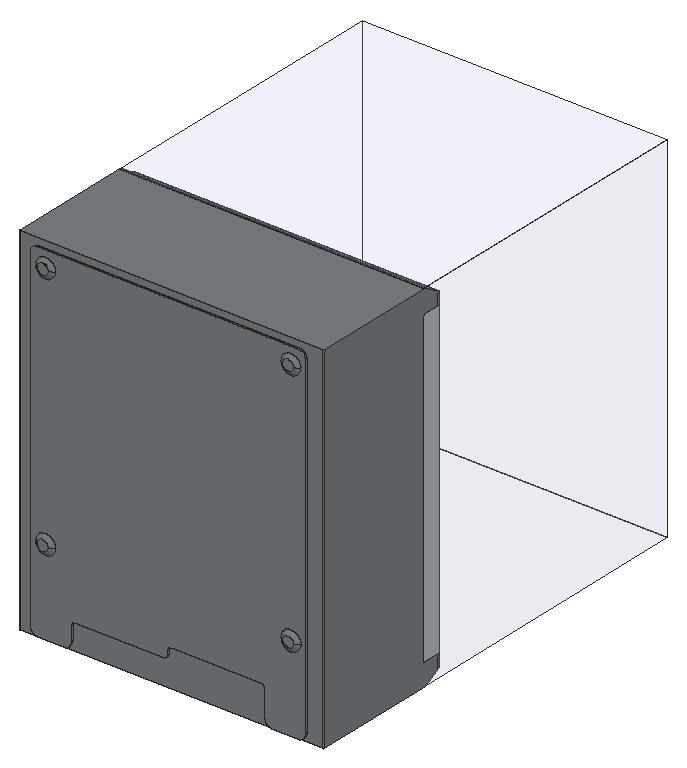
Revit family "Tyco _ FPP  (FireClass) FC700 series _  Addressable Control and Indicating Panels____", category Fire Alarm Devices, host Wall, Revit 2016 (continued)
Definition of nested family "Geometry"
  Automatic sketch dimensions
    Extrusion 7 sketch curve to Extrusion 7 sketch curve = 11.643 mm  (x2)
    Extrusion 7 sketch curve to Extrusion 7 sketch curve = 32.952 mm  (x3)
    Extrusion 7 sketch curve to Extrusion 7 sketch curve = 0.384 mm  (x2)
    level to Extrusion 7 sketch curve = 8.381 mm
    level to Extrusion 7 sketch curve = 22.975 mm
    Extrusion 8 sketch curve to level = 23.975 mm
    Extrusion 8 sketch curve to plane 3 "Center (Left/Right)" = 63.295 mm  (x2)
    plane 3 "Center (Left/Right)" to Extrusion 8 sketch curve = 109.705 mm  (x2)
    Extrusion 8 sketch curve to Extrusion 8 sketch curve = 142.5 mm
    Blend 9 sketch curve to level = 0.002 mm  (x2)
    plane 3 "Center (Left/Right)" to Blend 9 sketch curve = 155.104 mm  (x2)
    Extrusion 10 sketch curve to level = 0.002 mm
    plane 3 "Center (Left/Right)" to Extrusion 10 sketch curve = 155.104 mm
    plane 9 to Extrusion 11 sketch curve = 0 mm  (x2)
    plane 15 to Extrusion 11 sketch curve = 5 mm
    Extrusion 11 sketch curve to Extrusion 11 sketch curve = 1.5 mm  (x2)
    Extrusion 11 sketch curve to Extrusion 11 sketch curve = 0.789 mm  (x2)
    Extrusion 11 sketch curve to Extrusion 11 sketch curve = 0.211 mm  (x2)
    plane 4 to Extrusion 11 sketch curve = 8.254 mm  (x2)
    Extrusion 11 sketch curve to Extrusion 11 sketch curve = 0.872 mm  (x2)
    Extrusion 11 sketch curve to plane 9 = 6.048 mm
    Extrusion 11 sketch curve to Extrusion 11 sketch curve = 3.552 mm  (x2)
    Extrusion 11 sketch curve to level = 6.046 mm
    Extrusion 11 sketch curve to Extrusion 11 sketch curve = 0.446 mm  (x2)
    Extrusion 11 sketch curve to plane 9 = 4.666 mm
    Extrusion 11 sketch curve to Extrusion 11 sketch curve = 1.17 mm  (x2)
    Extrusion 11 sketch curve to level = 4.664 mm
    Extrusion 11 sketch curve to Extrusion 11 sketch curve = 0.63 mm
    Extrusion 11 sketch curve to Extrusion 11 sketch curve = 0.897 mm
    Extrusion 11 sketch curve to plane 9 = 4.454 mm
    Extrusion 11 sketch curve to level = 2.912 mm
    Extrusion 11 sketch curve to level = 3.475 mm
    plane 10 to Extrusion 12 sketch curve = 0 mm
    Extrusion 12 sketch curve to plane 11 = 0 mm
    Extrusion 13 sketch curve to Extrusion 13 sketch curve = 0 mm  (x16)
    Extrusion 13 sketch curve to plane 3 "Center (Left/Right)" = 0 mm
    Extrusion 13 sketch curve to plane 3 "Center (Left/Right)" = 0.045 mm
    Extrusion 13 sketch curve to plane 3 "Center (Left/Right)" = 16.875 mm
    Extrusion 13 sketch curve to Extrusion 13 sketch curve = 0.034 mm
    Extrusion 13 sketch curve to plane 3 "Center (Left/Right)" = 63.295 mm
    Extrusion 13 sketch curve to Extrusion 13 sketch curve = 0.8 mm  (x3)
    Extrusion 13 sketch curve to Extrusion 13 sketch curve = 3.713 mm
    Extrusion 13 sketch curve to Extrusion 13 sketch curve = 3.753 mm
    Extrusion 13 sketch curve to Extrusion 13 sketch curve = 1.25 mm  (x5)
    Extrusion 13 sketch curve to Extrusion 13 sketch curve = 1.5 mm  (x3)
    Extrusion 13 sketch curve to Extrusion 13 sketch curve = 3.15 mm  (x4)
    Extrusion 13 sketch curve to Extrusion 13 sketch curve = 0.609 mm
    Extrusion 13 sketch curve to Extrusion 13 sketch curve = 23 mm
    Extrusion 13 sketch curve to Extrusion 13 sketch curve = 3.747 mm
    Extrusion 13 sketch curve to Extrusion 13 sketch curve = 4.387 mm
    Extrusion 13 sketch curve to Extrusion 13 sketch curve = 0.5 mm  (x2)
    level to Extrusion 13 sketch curve = 20.003 mm
    Extrusion 13 sketch curve to Extrusion 13 sketch curve = 4.007 mm
    level to Extrusion 13 sketch curve = 19.115 mm
    Extrusion 13 sketch curve to Extrusion 13 sketch curve = 0.44 mm
    Extrusion 13 sketch curve to Extrusion 13 sketch curve = 9.063 mm
    level to Extrusion 13 sketch curve = 29.592 mm
    Extrusion 13 sketch curve to Extrusion 13 sketch curve = 12.449 mm
    Extrusion 13 sketch curve to Extrusion 13 sketch curve = 1 mm  (x2)
    plane 3 "Center (Left/Right)" to Extrusion 13 sketch curve = 0.011 mm
    Extrusion 13 sketch curve to plane 12 = 4.04 mm
    Extrusion 13 sketch curve to plane 12 = 4.012 mm
    plane 12 to Extrusion 13 sketch curve = 14.012 mm
    Extrusion 13 sketch curve to Extrusion 13 sketch curve = 0.021 mm
    Extrusion 13 sketch curve to Extrusion 13 sketch curve = 4.766 mm
    level to Extrusion 13 sketch curve = 9.381 mm
    Extrusion 13 sketch curve to Extrusion 13 sketch curve = 7.444 mm
    level to Extrusion 13 sketch curve = 8.381 mm
    Extrusion 13 sketch curve to Extrusion 13 sketch curve = 0.011 mm
    level to Extrusion 13 sketch curve = 9.765 mm
    Extrusion 13 sketch curve to Extrusion 13 sketch curve = 16.892 mm
    level to Extrusion 13 sketch curve = 8.766 mm  (x2)
    Extrusion 13 sketch curve to Extrusion 13 sketch curve = 0.029 mm
    Extrusion 13 sketch curve to Extrusion 13 sketch curve = 57.814 mm
    Extrusion 13 sketch curve to Extrusion 13 sketch curve = 11.2 mm  (x2)
    level to Extrusion 13 sketch curve = 18.837 mm
    Extrusion 13 sketch curve to Extrusion 13 sketch curve = 4.197 mm
    level to Extrusion 13 sketch curve = 17.905 mm
    Extrusion 13 sketch curve to Extrusion 13 sketch curve = 0.398 mm
    Extrusion 13 sketch curve to Extrusion 13 sketch curve = 10.313 mm
    level to Extrusion 13 sketch curve = 29.63 mm
    Extrusion 13 sketch curve to Extrusion 13 sketch curve = 13.699 mm
    Extrusion 13 sketch curve to Extrusion 13 sketch curve = 0.999 mm
    Extrusion 13 sketch curve to Extrusion 13 sketch curve = 6.251 mm
    Extrusion 13 sketch curve to Extrusion 13 sketch curve = 4.299 mm  (x2)
    Extrusion 13 sketch curve to Extrusion 13 sketch curve = 4.194 mm
    Extrusion 13 sketch curve to Extrusion 13 sketch curve = 4.2 mm
    Extrusion 13 sketch curve to Extrusion 13 sketch curve = 8.575 mm
    Extrusion 13 sketch curve to Extrusion 13 sketch curve = 0.083 mm
    Extrusion 13 sketch curve to Extrusion 13 sketch curve = 0.044 mm
    Extrusion 13 sketch curve to Extrusion 13 sketch curve = 3.813 mm  (x2)
    Extrusion 13 sketch curve to Extrusion 13 sketch curve = 42 mm
    Extrusion 13 sketch curve to Extrusion 13 sketch curve = 4.887 mm
    Extrusion 13 sketch curve to Extrusion 13 sketch curve = 93 mm
    Extrusion 13 sketch curve to Extrusion 13 sketch curve = 142.5 mm
    Extrusion 13 sketch curve to Extrusion 13 sketch curve = 12.7 mm
    Extrusion 13 sketch curve to Extrusion 13 sketch curve = 8.914 mm
    Extrusion 14 sketch curve to plane 3 "Center (Left/Right)" = 0 mm
    Extrusion 14 sketch curve to plane 3 "Center (Left/Right)" = 16.91 mm
    Extrusion 14 sketch curve to plane 3 "Center (Left/Right)" = 64.095 mm
    level to Extrusion 14 sketch curve = 19.115 mm
    Extrusion 14 sketch curve to Extrusion 14 sketch curve = 37.047 mm
    Extrusion 14 sketch curve to Extrusion 14 sketch curve = 42.163 mm
    Extrusion 14 sketch curve to Extrusion 14 sketch curve = 9.501 mm
    level to Extrusion 14 sketch curve = 8.381 mm
    Extrusion 14 sketch curve to Extrusion 14 sketch curve = 35.011 mm
    level to Extrusion 14 sketch curve = 8.766 mm  (x2)
    Extrusion 14 sketch curve to Extrusion 14 sketch curve = 16.91 mm
    Extrusion 14 sketch curve to Extrusion 14 sketch curve = 58.585 mm
    level to Extrusion 14 sketch curve = 17.905 mm
    Extrusion 14 sketch curve to Extrusion 14 sketch curve = 15.795 mm
    Extrusion 14 sketch curve to Extrusion 14 sketch curve = 22.013 mm
    level to Extrusion 14 sketch curve = 29.547 mm
    Extrusion 14 sketch curve to Extrusion 14 sketch curve = 10.604 mm
    Extrusion 14 sketch curve to Extrusion 14 sketch curve = 10.432 mm
    Extrusion 14 sketch curve to Extrusion 14 sketch curve = 13.82 mm
    Extrusion 14 sketch curve to Extrusion 14 sketch curve = 144.3 mm
    Extrusion 14 sketch curve to Extrusion 14 sketch curve = 20.201 mm
    Extrusion 15 sketch curve to plane 3 "Center (Left/Right)" = 63.295 mm
    plane 3 "Center (Left/Right)" to Extrusion 15 sketch curve = 109.705 mm
    Extrusion 16 sketch curve to plane 3 "Center (Left/Right)" = 191.958 mm
    plane 3 "Center (Left/Right)" to Extrusion 16 sketch curve = 218.042 mm
    Extrusion 16 sketch curve to level = 239.783 mm
    level to Extrusion 16 sketch curve = 240 mm
    Extrusion 17 sketch curve to plane 3 "Center (Left/Right)" = 0 mm
    Extrusion 17 sketch curve to plane 3 "Center (Left/Right)" = 16.91 mm
    level to Extrusion 17 sketch curve = 19.115 mm
    Extrusion 17 sketch curve to Extrusion 17 sketch curve = 84.232 mm
    Extrusion 17 sketch curve to plane 3 "Center (Left/Right)" = 106.258 mm
    Extrusion 17 sketch curve to Extrusion 17 sketch curve = 9.501 mm
    level to Extrusion 17 sketch curve = 8.381 mm
    plane 3 "Center (Left/Right)" to Extrusion 17 sketch curve = 35.011 mm
    level to Extrusion 17 sketch curve = 8.766 mm  (x2)
    Extrusion 17 sketch curve to Extrusion 17 sketch curve = 16.91 mm
    level to Extrusion 17 sketch curve = 17.905 mm
    Extrusion 17 sketch curve to Extrusion 17 sketch curve = 74.38 mm
    plane 3 "Center (Left/Right)" to Extrusion 17 sketch curve = 132.519 mm
    Extrusion 17 sketch curve to Extrusion 17 sketch curve = 10.604 mm
    Extrusion 17 sketch curve to Extrusion 17 sketch curve = 11.643 mm
    Extrusion 17 sketch curve to Extrusion 17 sketch curve = 10.432 mm
    Extrusion 17 sketch curve to Extrusion 17 sketch curve = 166.678 mm
    Extrusion 18 sketch curve to plane 3 "Center (Left/Right)" = 110.643 mm
    Extrusion 18 sketch curve to Extrusion 18 sketch curve = 4.386 mm  (x2)
    Extrusion 18 sketch curve to Extrusion 18 sketch curve = 10.604 mm
    Extrusion 18 sketch curve to plane 3 "Center (Left/Right)" = 25.66 mm
    Extrusion 18 sketch curve to plane 3 "Center (Left/Right)" = 8.75 mm
    plane 3 "Center (Left/Right)" to Extrusion 18 sketch curve = 26.261 mm
    Extrusion 18 sketch curve to Extrusion 18 sketch curve = 16.91 mm
    Extrusion 18 sketch curve to Extrusion 18 sketch curve = 84.232 mm
    Extrusion 18 sketch curve to level = 8.381 mm
    plane 3 "Center (Left/Right)" to Extrusion 18 sketch curve = 132.519 mm
    Extrusion 18 sketch curve to Extrusion 18 sketch curve = 166.678 mm  (x2)
    Extrusion 18 sketch curve to Extrusion 18 sketch curve = 10.432 mm
    Extrusion 18 sketch curve to Extrusion 18 sketch curve = 11.643 mm
    Extrusion 18 sketch curve to Extrusion 18 sketch curve = 10.349 mm
    Extrusion 18 sketch curve to Extrusion 18 sketch curve = 0 mm
    Extrusion 18 sketch curve to Extrusion 18 sketch curve = 0.384 mm
    Extrusion 19 sketch curve to plane 3 "Center (Left/Right)" = 170.758 mm
    Extrusion 19 sketch curve to Extrusion 19 sketch curve = 10 mm  (x5)
    Extrusion 19 sketch curve to Extrusion 19 sketch curve = 35 mm  (x2)
    Extrusion 19 sketch curve to Extrusion 19 sketch curve = 1.465 mm  (x7)
    Extrusion 19 sketch curve to Extrusion 19 sketch curve = 3.535 mm  (x8)
    plane 3 "Center (Left/Right)" to Extrusion 19 sketch curve = 9.242 mm
    Extrusion 19 sketch curve to Extrusion 19 sketch curve = 120 mm
    Extrusion 19 sketch curve to Extrusion 19 sketch curve = 9.972 mm
    plane 3 "Center (Left/Right)" to Extrusion 19 sketch curve = 189.242 mm
    Extrusion 19 sketch curve to Extrusion 19 sketch curve = 35.028 mm
    Extrusion 19 sketch curve to level = 235.099 mm  (x2)
    Extrusion 19 sketch curve to Extrusion 19 sketch curve = 20 mm
    Extrusion 19 sketch curve to Extrusion 19 sketch curve = 5 mm
    level to Extrusion 19 sketch curve = 224.901 mm
    Extrusion 19 sketch curve to Extrusion 19 sketch curve = 0.028 mm
    Blend 20 sketch curve to Extrusion 1 = 39.083 mm  (x2)
    Extrusion 1 to Blend 20 sketch curve = 46.974 mm  (x2)
    Blend 21 sketch curve to Extrusion 1 = 36.895 mm  (x2)
    Extrusion 1 to Blend 21 sketch curve = 46.974 mm  (x2)
    Blend 22 sketch curve to Extrusion 1 = 39.083 mm  (x2)
    Extrusion 1 to Blend 22 sketch curve = 120.099 mm  (x2)
    Blend 23 sketch curve to Extrusion 1 = 36.895 mm  (x2)
    Extrusion 1 to Blend 23 sketch curve = 119.787 mm  (x2)
    Extrusion 1 to Blend 24 sketch curve = 20.724 mm  (x2)
    Blend 24 sketch curve to Extrusion 1 = 57.208 mm  (x2)
    Extrusion 1 to Blend 25 sketch curve = 20.724 mm  (x2)
    Blend 25 sketch curve to Extrusion 1 = 54.708 mm  (x2)
    Blend 26 sketch curve to Extrusion 1 = 201.814 mm  (x2)
    Extrusion 1 to Blend 26 sketch curve = 210.11 mm  (x2)
    Blend 27 sketch curve to Extrusion 19 = 20.055 mm  (x2)
    Blend 27 sketch curve to Extrusion 19 = 22.037 mm  (x2)
    Blend 28 sketch curve to Extrusion 19 = 20.009 mm  (x2)
    Blend 28 sketch curve to Extrusion 19 = 22.037 mm  (x2)
    Blend 29 sketch curve to Extrusion 19 = 20.009 mm  (x2)
    Blend 29 sketch curve to Extrusion 19 = 65.048 mm  (x2)
    Blend 30 sketch curve to Extrusion 19 = 19.961 mm  (x2)
    Blend 30 sketch curve to Extrusion 19 = 65.048 mm  (x2)
    Blend 31 sketch curve to Extrusion 1 = 84.387 mm  (x2)
    Extrusion 1 to Blend 31 sketch curve = 75.004 mm  (x2)
    Blend 32 sketch curve to Extrusion 1 = 81.664 mm  (x2)
    Extrusion 1 to Blend 32 sketch curve = 75.004 mm  (x2)
    Extrusion 1 sketch curve to plane 13 = 0 mm
    Extrusion 1 sketch curve to plane 13 = 2.173 mm  (x2)
    Extrusion 1 sketch curve to plane 3 "Center (Left/Right)" = 191.958 mm
    Extrusion 1 sketch curve to Extrusion 1 sketch curve = 2 mm  (x2)
    plane 3 "Center (Left/Right)" to Extrusion 1 sketch curve = 215.869 mm
    radius of Blend 9 sketch curve = 11 mm
    radius of Blend 9 sketch curve = 7.63 mm
    radius of Extrusion 10 sketch curve = 6.59 mm
    radius of Extrusion 12 sketch curve = 1.96 mm
    radius of Blend 20 sketch curve = 13 mm
    radius of Blend 20 sketch curve = 7.5 mm
    radius of Blend 21 sketch curve = 13 mm
    radius of Blend 21 sketch curve = 7.5 mm
    radius of Blend 22 sketch curve = 13 mm
    radius of Blend 22 sketch curve = 7.5 mm
    radius of Blend 23 sketch curve = 13 mm
    radius of Blend 23 sketch curve = 7.5 mm
    radius of Blend 24 sketch curve = 13 mm
    radius of Blend 24 sketch curve = 7.5 mm
    radius of Blend 25 sketch curve = 13 mm
    radius of Blend 25 sketch curve = 7.5 mm
    radius of Blend 26 sketch curve = 13 mm
    radius of Blend 26 sketch curve = 7.5 mm
    radius of Blend 27 sketch curve = 13 mm
    radius of Blend 27 sketch curve = 7.5 mm
    radius of Blend 28 sketch curve = 13 mm
    radius of Blend 28 sketch curve = 7.5 mm
    radius of Blend 29 sketch curve = 13 mm
    radius of Blend 29 sketch curve = 7.5 mm
    radius of Blend 30 sketch curve = 13 mm
    radius of Blend 30 sketch curve = 7.5 mm
    radius of Blend 31 sketch curve = 13 mm
    radius of Blend 31 sketch curve = 7.5 mm
    radius of Blend 32 sketch curve = 13 mm
    radius of Blend 32 sketch curve = 7.5 mm
Types (4, lengths in mm): name | Weight | Total No Of Addresses | Single | Product Description | Product Specification | Product Codes | Number of Loops | Nominal Length | No Of Zonal LEDs | Name | Model Number | Model | Double | Description | Colour
  FC702S | "9.7 kg" | "250" | yes | "FC702S 2 Loop FireClass panel" | "FireClass panel 2 shared power loops or 1 high power loop with maximum 250 addresses. TFT touchscreen display with 16 zonal LEDs. Compact housing 5 A PSU for 17 AH batteries. Networkable." | "557.200.949" | "2" | 140 | "16" | "FC702S" | "FC702S" | "FC702S" | no | "One HP or two SP Loop PROFILE Flexible Panel shallow housing" | "RAL 7035"
  FC702D | "12.5 kg" | "250" | yes | "FC702D 2 Loop FireClass panel" | "FireClass panel 2 shared power loops or 1 high power loop with maximum 250 addresses. TFT touchscreen display with 16 zonal LEDs.Designer housing 5 A PSU for 38AH batteries. Networkable." | "557.200.950" | "2" | 205 | "16" | "FC702D" | "FC702D" | "FC702D" | no | "One HP or two SP Loop FireClass Panel deep housing" | "RAL 7035 (Light Grey)"
  FC708D | "12.5 kg" | "1000" | no | "FC708D 4-8 Loop FireClass Panel" | "FireClass panel 4 shared power loops or 2 high power loops expandable to 8 shared power or 4 high power loops with maximum 1000 addresses. TFT touchscreen display with 80 zonal LEDs. Designer housing 5 A PSU for 38 AH batteries. Networkable." | "557.200.951" | "4" | 205 | "16" | "FC708D" | "FC708D" | "FC708D" | yes | "Two HP or four SP loop, expandable to eight loop, FireClass Panel" | "RAL 7035 (Light Grey)"
  FC718D | "13 kg" | "1000" | yes | "FC718D 4-8 Loop FireClass Panel" | "PROFILE Flexible panel 4 shared power loops or 2 high power loops expandable to 8 shared power or 4 high power loops with maximum 1000 addresses. TFT touchscreen display with 16 zonal LEDs. Designer housing 5 A PSU for 38 AH batteries. Networkable." | "557.200.952" | "4" | 205 | "80" | "FC718D" | "FC718D" | "FC718D" | no | "Two HP or four SP loop, expandable to eight loop, FireClass Panel" | "RAL 7035 (Light Grey)"
